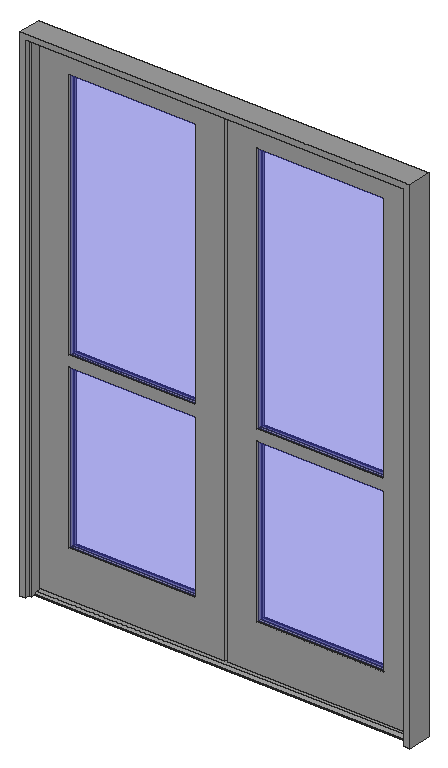
Revit family "WS-500 DOOR-Double-1-CW_v04", category Curtain Panels, Revit 2015
Parameters
  Width [instance] = 6' - 2"
  URL = "obe.com"
  Rough Width [instance] = 6' - 0"
  Panel Width [instance] = Min Panel Width  # 6' - 0"
  Panel Offset [instance] = 0' - 0"
  Offset [instance] = 0' - 0"
  Model = "WS-500 DOOR"
  Min Rough Width [instance] = if(Rough Width > 6' 1 255/256", Rough Width, 6' 2")  # 6' - 2"
  Min Panel Width [instance] = if(Rough Width > 6' 1 255/256", Rough Width - 0' 2", 6' 0")  # 6' - 0"
  Manufacturer = "Oldcastle BuildingEnvelope®"
  Keynote = "08 11 00"
  Hinge [instance] = yes
  Height [instance] = 8' - 0"
  Pushbar Height [instance] = 3' - 5 1/4"  # constant formula
  Glass Material = Glass
  Frame Material = Aluminum
  Door Panel Height [instance] = Height - 0' 0 5/8"  # 7' - 11 3/8"
  Description = "WS-500 - 1\" Door Infill"
  Assembly Code = "B2030"
  Analytic Construction = "<None>"
  8 Muntin [instance] = no
  6.5 Muntin [instance] = no
  10 Bottom Rail [instance] = not([8 Bottom Rail])  # no
  4 Muntin [instance] = no
  8 Bottom Rail [instance] = yes
  1.875 Muntin [instance] = no
  0.5 Muntin [instance] = if(or([1.875 Muntin], [4 Muntin], [6.5 Muntin], [8 Muntin]), 1 = 2, 1 = 1)  # yes
Reference planes (in)
  plane 1 "Front": y = 0
  plane 2: z = 0
  plane 3 "Center (Left/Right)": x = 0
  plane 4 "Left": x = -37
  plane 5 "Right": x = 37
  plane 6 "Top": z = 96
  plane 7 "Offset": y = 0
  plane 8: y = -1.28244
  plane 9: y = -1.28244
  plane 10: x = -37
  plane 11: x = 37
Forms (in)
  Sweep 1, solid, material "Aluminum" <- "Frame Material"
    path origin (0, 0, 0) x (-1, 0, 0) y (0, 0, 1)
      loop
        line (37, 0) -> (37, 96)
    profile origin (-37, 0, 48) x (1, 0, 0) y (0, 1, 0)
      loop
        line (1, -1.97) -> (1, 0) -> (0, 0) -> (0, -4.5) -> (1, -4.5) -> (1, -3.595) -> (1.5, -3.595) -> (1.5, -1.97) -> (1, -1.97)
  Sweep 2, solid, material "Aluminum" <- "Frame Material"
    path origin (0, 0, 0) x (-1, 0, 0) y (0, 0, 1)
      loop
        line (-37, 0) -> (-37, 96)
    profile origin (37, 0, 48) x (1, 0, 0) y (0, 1, 0)
      loop
        line (-1, -1.97) -> (-1.5, -1.97) -> (-1.5, -3.595) -> (-1, -3.595) -> (-1, -4.5) -> (0, -4.5) -> (0, 0) -> (-1, 0) -> (-1, -1.97)
  Extrusion 3, solid, material "Aluminum" <- "Frame Material"
    sketch origin (-37, 0, 0) x (0, -1, 0) y (0, 0, 1)
      loop
        line (1.97, 94.5) -> (3.595, 94.5) -> (3.595, 95) -> (4.5, 95) -> (4.5, 96) -> (0, 96) -> (0, 95) -> (1.97, 95) -> (1.97, 94.5)
    from -74 to 0
Cuts and joins
  joined: Sweep 1, Sweep 2, Extrusion 3
Text (in)
  text "Exterior" at (-54.29358, 31.38743, 0), in view "Ref. Level"
  text "Exterior" at (480, 41.53993, 89.60405), in view "Right"
  text "Exterior" at (-240, 57.82419, 105.78864), in view "Left"
Dimensions and locks (in)
  equal spacing: plane 4 "Left", plane 3 "Center (Left/Right)", plane 5 "Right"
  "Width": plane 4 "Left" to plane 5 "Right"
  "Height": plane 6 "Top" to plane 2
  "Offset": plane 1 "Front" to plane 7 "Offset"
  locked: plane 7 "Offset" to plane 8 at 1.28244
  locked: plane 7 "Offset" to plane 9 at 1.28244
  Extrusion 3 sketch curve to Extrusion 3 sketch curve to Extrusion 3 sketch curve = 0' - 0 1/2" locked, 0' - 0" locked
  nested 1 to Extrusion 3 sketch curve to Extrusion 3 sketch curve to Extrusion 3 sketch curve to Extrusion 3 sketch curve = 0' - 0" locked, 0' - 1.97" locked, 0' - 1 5/8" locked, 0' - 0.905" locked
  locked: Extrusion 3 sketch curve to Extrusion 3 sketch curve at 1
  equal spacing: plane 10, plane 3 "Center (Left/Right)", plane 11
  "Min Rough Width": plane 10 to plane 11
  aligned and locked: level to plane 2
  aligned and locked: plane 3 "Center (Left/Right)" to nested 1
  aligned and locked: nested 1 to plane 7 "Offset"
  aligned and locked: plane 6 "Top" to Sweep 1 sketch curve
  aligned and locked: level to Sweep 1 sketch curve
  aligned and locked: plane 6 "Top" to Sweep 2 sketch curve
  aligned and locked: level to Sweep 2 sketch curve
  aligned and locked: Extrusion 3 to plane 6 "Top"
  aligned and locked: Extrusion 3 sketch curve to plane 6 "Top"
  aligned and locked: Sweep 2 sketch curve to plane 11
  aligned and locked: Sweep 1 sketch curve to plane 10
  aligned and locked: plane 11 to cut or joined group of Sweep 1, Sweep 2, Extrusion 3
  aligned and locked: cut or joined group of Sweep 1, Sweep 2, Extrusion 3 to plane 10
Automatic sketch dimensions
  Sweep 1 sketch curve to profile plane = 0' - 0"
  Sweep 1 sketch curve to plane 7 "Offset" = 0' - 0"
  Sweep 1 sketch curve to profile plane = 0' - 1"  (x2)
  Sweep 1 sketch curve to Sweep 1 sketch curve = 0' - 0 1/2"
  Sweep 1 sketch curve to plane 7 "Offset" = 0' - 1.97"
  Sweep 1 sketch curve to Sweep 1 sketch curve = 0' - 1 5/8"
  Sweep 1 sketch curve to Sweep 1 sketch curve = 0' - 0.905"
  Sweep 2 sketch curve to plane 7 "Offset" = 0' - 0"
  Sweep 2 sketch curve to profile plane = 0' - 0"
  profile plane to Sweep 2 sketch curve = 0' - 1"  (x2)
  Sweep 2 sketch curve to Sweep 2 sketch curve = 0' - 0 1/2"
  Sweep 2 sketch curve to plane 7 "Offset" = 0' - 1.97"
  Sweep 2 sketch curve to Sweep 2 sketch curve = 0' - 1 5/8"
  Sweep 2 sketch curve to Sweep 2 sketch curve = 0' - 0.905"
Nested families (in)
  nested 1: "WS-500 DOOR-Double-1-Panel_v03" at (0, -16, 0), Frame Material <- "Frame Material", Glass Material <- "Glass Material", 0.5 Muntin <- "0.5 Muntin", 1.875 Muntin <- "1.875 Muntin", 4 Muntin <- "4 Muntin", 6.5 Muntin <- "6.5 Muntin", 8 Muntin <- "8 Muntin", Hinge <- "Hinge", Height <- "Door Panel Height", Width <- "Min Panel Width", 8 Bottom Rail <- "8 Bottom Rail", Offset <- "Panel Offset", type "WS-500 DOOR-Double-1-Panel_v03"
    with Wing Width 3' - 0", built-in parameter 1001301 6' - 0", Pushbar Height 3' - 5 1/4", Offset 0' - 0", Hinge yes, built-in parameter 1001300 7' - 11 3/8", Glass at Muntin 0' - 1 7/16", Glass Material Glass, Frame Material Aluminum, Bottom Rail 0' - 9 5/32", 8 Muntin no, 8 Bottom Rail yes, 6.5 Muntin no, 4 Muntin no, 10 Bottom Rail no, 1.875 Muntin no, 0.5 Muntin yes
Definition of nested family "WS-500 DOOR-Double-1-Panel_v03"
  Parameters (values of type "WS-500 DOOR-Double-1-Panel_v03")
    Wing Width [instance] = Width / 2  # 3' - 0"
    Width [instance] = 6' - 0"
    Offset [instance] = 0' - 1"
    Hinge [instance] = yes
    Height [instance] = 8' - 0"
    Glass at Muntin [instance] = if([8 Muntin], 0' 8 15/16", if([6.5 Muntin], 0' 7 7/16", if([4 Muntin], 0' 4 15/16", if([1.875 Muntin], 0' 2 13/16", 0' 1 7/16"))))  # 0' - 1 7/16"
    Pushbar Height [instance] = 3' - 5 1/4"  # constant formula
    Glass Material [instance] = none
    Frame Material [instance] = none
    Bottom Rail [instance] = if([8 Bottom Rail], 0' 9 5/32", 0' 11 5/32")  # 0' - 9 5/32"
    8 Muntin [instance] = no
    6.5 Muntin [instance] = no
    4 Muntin [instance] = no
    8 Bottom Rail [instance] = yes
    10 Bottom Rail [instance] = not([8 Bottom Rail])  # no
    1.875 Muntin [instance] = no
    0.5 Muntin [instance] = if(or([1.875 Muntin], [4 Muntin], [6.5 Muntin], [8 Muntin]), 1 = 2, 1 = 1)  # yes
  Reference planes (in)
    plane 1 "Center": y = 14.0625
    plane 2: z = 0
    plane 3 "Center (Left/Right)": x = 0
    plane 4: z = 96
    plane 5: x = 36
    plane 6: x = -36
    plane 7 "Center (Front/Back)": y = 16
    plane 8 "Exterior": y = 14.5625
    plane 9: z = 48
    plane 10: z = 90.99987
    plane 11: z = 41.96875
    plane 12: z = 40.53125
    plane 13: z = 9.15625
    plane 14 "Offset": y = 15
    plane 15: z = 41.25
  Forms (in)
    Sweep 1, solid, material <- "Frame Material"
      path origin (0, 14.0625, 0) x (1, 0, 0) y (0, 0, 1)
        loop
          line (-35.56475, 96) -> (-0.22004, 96)
      profile origin (-17.8924, 14.0625, 96) x (0, 0, 1) y (0, -1, 0)
        loop
          line (-0.53137, -0.875) -> (-0.53137, 0.875) -> (-5.28138, 0.875) -> (-5.28138, 0.5) -> (-5.00013, 0.5) -> (-5.00013, -0.5) -> (-5.28138, -0.5) -> (-5.28138, -0.875) -> (-0.53137, -0.875)
    Sweep 2, solid, material <- "Frame Material"
      path origin (0, 5, 0) x (1, 0, 0) y (0, 0, 1)
        loop
          line (-0.22004, 0) -> (-35.56475, 0)
      profile origin (-17.8924, 5, 0) x (0, 0, -1) y (0, -1, 0)
        loop
          line (-9.4375, -9.9375) -> (-0.6875, -9.9375) -> (-0.6875, -8.1875) -> (-9.4375, -8.1875) -> (-9.4375, -8.5625) -> (-9.15625, -8.5625) -> (-9.15625, -9.5625) -> (-9.4375, -9.5625) -> (-9.4375, -9.9375)
    Sweep 3, solid, material <- "Frame Material"
      path origin (0, 14.0625, 0) x (1, 0, 0) y (0, 0, 1)
        loop
          line (36, 95.46862) -> (36, 0.6875)
      profile origin (36, 14.0625, 48.07806) x (0, -1, 0) y (1, 0, 0)
        loop
          line (-0.875, -0.32625) -> (-0.875, -6.07625) -> (-0.5, -6.07625) -> (-0.5, -5.795) -> (0.5, -5.795) -> (0.5, -6.07625) -> (0.875, -6.07625) -> (0.875, -0.43525) -> (-0.875, -0.32625)
    Sweep 4, solid, material <- "Frame Material"
      path origin (0, 14.0625, 0) x (1, 0, 0) y (0, 0, 1)
        loop
          line (-36, 95.46862) -> (-36, 0.6875)
      profile origin (-36, 14.0625, 48.07806) x (0, -1, 0) y (1, 0, 0)
        loop
          line (-0.875, 0.32625) -> (0.875, 0.43525) -> (0.875, 6.07625) -> (0.5, 6.07625) -> (0.5, 5.795) -> (-0.5, 5.795) -> (-0.5, 6.07625) -> (-0.875, 6.07625) -> (-0.875, 0.32625)
    Sweep 5, solid, material <- "Frame Material"
      path origin (0, 14.0625, 0) x (1, 0, 0) y (0, 0, 1)
        loop
          line (-5.53125, 48) -> (-30.205, 48)
      profile origin (-17.86813, 14.0625, 48) x (0, 0, -1) y (0, -1, 0)
        loop
          line (7.75, -0.875) -> (7.75, -0.5) -> (7.46875, -0.5) -> (7.46875, 0.5) -> (7.75, 0.5) -> (7.75, 0.875) -> (5.75, 0.875) -> (5.75, 0.5) -> (6.03125, 0.5) -> (6.03125, -0.5) -> (5.75, -0.5) -> (5.75, -0.875) -> (7.75, -0.875)
    Sweep 6, solid, material <- "Frame Material"
      path origin (0, 14.0625, 0) x (1, 0, 0) y (0, 0, 1)
        loop
          line (0, 95.46862) -> (0, 0.6875)
      profile origin (0, 14.0625, 48.07806) x (0, -1, 0) y (1, 0, 0)
        loop
          line (-0.875, -0.22063) -> (-0.875, -5.8125) -> (-0.5, -5.8125) -> (-0.5, -5.53125) -> (0.5, -5.53125) -> (0.5, -5.8125) -> (0.875, -5.8125) -> (0.875, -0.22063)
          arc (0.875, -0.22063) -> (0, -0.0625) -> (-0.875, -0.22063) r 2.5
        loop
          arc (-0.875, 0.22063) -> (0, 0.0625) -> (0.875, 0.22063) r 2.5
          line (0.875, 0.22063) -> (0.875, 5.8125) -> (0.5, 5.8125) -> (0.5, 5.53125) -> (-0.5, 5.53125) -> (-0.5, 5.8125) -> (-0.875, 5.8125) -> (-0.875, 0.22063)
    Sweep 7, solid, material <- "Frame Material"
      path origin (0, 14.0625, 0) x (1, 0, 0) y (0, 0, 1)
        loop
          line (0.22004, 96) -> (35.56475, 96)
      profile origin (17.8924, 14.0625, 96) x (0, 0, 1) y (0, -1, 0)
        loop
          line (-0.53138, -0.875) -> (-0.53138, 0.875) -> (-5.28138, 0.875) -> (-5.28138, 0.5) -> (-5.00013, 0.5) -> (-5.00013, -0.5) -> (-5.28138, -0.5) -> (-5.28138, -0.875) -> (-0.53138, -0.875)
    Sweep 8, solid, material <- "Frame Material"
      path origin (0, 14.0625, 0) x (1, 0, 0) y (0, 0, 1)
        loop
          line (30.20979, 48) -> (5.53125, 48)
      profile origin (17.87052, 14.0625, 48) x (0, 0, -1) y (0, -1, 0)
        loop
          line (7.75, -0.875) -> (7.75, -0.5) -> (7.46875, -0.5) -> (7.46875, 0.5) -> (7.75, 0.5) -> (7.75, 0.875) -> (5.75, 0.875) -> (5.75, 0.5) -> (6.03125, 0.5) -> (6.03125, -0.5) -> (5.75, -0.5) -> (5.75, -0.875) -> (7.75, -0.875)
    Sweep 9, solid, material <- "Frame Material"
      path origin (0, 14.0625, 0) x (1, 0, 0) y (0, 0, 1)
        loop
          line (35.56475, 0) -> (0.22004, 0)
      profile origin (17.8924, 14.0625, 0) x (0, 0, -1) y (0, -1, 0)
        loop
          line (-9.4375, -0.875) -> (-0.6875, -0.875) -> (-0.6875, 0.875) -> (-9.4375, 0.875) -> (-9.4375, 0.5) -> (-9.15625, 0.5) -> (-9.15625, -0.5) -> (-9.4375, -0.5) -> (-9.4375, -0.875)
    Extrusion 10, solid, material <- "Glass Material", detail levels coarse
      sketch origin (0, 0, 0) x (1, 0, 0) y (0, 1, 0)
        loop
          line (-30.205, 14.5625) -> (-30.205, 13.5625) -> (-5.53125, 13.5625) -> (-5.53125, 14.5625) -> (-30.205, 14.5625)
      from 9.15625 to 40.53125
    Extrusion 11, solid, material <- "Glass Material", detail levels coarse
      sketch origin (0, 0, 0) x (1, 0, 0) y (0, 1, 0)
        loop
          line (5.53125, 14.5625) -> (5.53125, 13.5625) -> (30.205, 13.5625) -> (30.205, 14.5625) -> (5.53125, 14.5625)
      from 9.15625 to 40.53125
    Extrusion 12, solid, material <- "Glass Material", detail levels coarse
      sketch origin (0, 0, 0) x (1, 0, 0) y (0, 1, 0)
        loop
          line (-5.53125, 14.5625) -> (-30.205, 14.5625) -> (-30.205, 13.5625) -> (-5.53125, 13.5625) -> (-5.53125, 14.5625)
      from 41.96875 to 90.99987
    Extrusion 13, solid, material <- "Glass Material", detail levels coarse
      sketch origin (0, 0, 0) x (1, 0, 0) y (0, 1, 0)
        loop
          line (30.205, 14.5625) -> (5.53125, 14.5625) -> (5.53125, 13.5625) -> (30.205, 13.5625) -> (30.205, 14.5625)
      from 41.96875 to 90.99987
    Extrusion 14, solid, material <- "Glass Material", detail levels medium+fine
      sketch origin (0, 0, 0) x (1, 0, 0) y (0, 1, 0)
        loop
          line (-5.53125, 13.5625) -> (-5.53125, 13.8105) -> (-30.205, 13.8105) -> (-30.205, 13.5625) -> (-5.53125, 13.5625)
        loop
          line (-30.205, 14.5625) -> (-30.205, 14.3145) -> (-5.53125, 14.3145) -> (-5.53125, 14.5625) -> (-30.205, 14.5625)
      from 41.96875 to 90.99987
    Extrusion 15, solid, material <- "Glass Material", detail levels medium+fine
      sketch origin (0, 0, 0) x (1, 0, 0) y (0, 1, 0)
        loop
          line (-30.205, 13.5625) -> (-5.53125, 13.5625) -> (-5.53125, 13.8105) -> (-30.205, 13.8105) -> (-30.205, 13.5625)
        loop
          line (-5.53125, 14.5625) -> (-30.205, 14.5625) -> (-30.205, 14.3145) -> (-5.53125, 14.3145) -> (-5.53125, 14.5625)
      from 9.15625 to 40.53125
    Extrusion 16, solid, material <- "Glass Material", detail levels medium+fine
      sketch origin (0, 0, 0) x (1, 0, 0) y (0, 1, 0)
        loop
          line (5.53125, 13.5625) -> (30.205, 13.5625) -> (30.205, 13.8105) -> (5.53125, 13.8105) -> (5.53125, 13.5625)
        loop
          line (30.205, 14.5625) -> (5.53125, 14.5625) -> (5.53125, 14.3145) -> (30.205, 14.3145) -> (30.205, 14.5625)
      from 9.15625 to 40.53125
    Extrusion 17, solid, material <- "Glass Material", detail levels medium+fine
      sketch origin (0, 0, 0) x (1, 0, 0) y (0, 1, 0)
        loop
          line (30.205, 13.5625) -> (30.205, 13.8105) -> (5.53125, 13.8105) -> (5.53125, 13.5625) -> (30.205, 13.5625)
        loop
          line (5.53125, 14.5625) -> (5.53125, 14.3145) -> (30.205, 14.3145) -> (30.205, 14.5625) -> (5.53125, 14.5625)
      from 41.96875 to 90.99987
    Sweep 18, solid, material <- "Frame Material"
      path origin (0, 15, 0) x (1, 0, 0) y (0, 0, 1)
        loop
          line (-35.56475, 0) -> (35.56475, 0)
      profile origin (0, 15, 0) x (0, 0, 1) y (0, -1, 0)
        loop
          line (0.5, -0.218) -> (0.5, 2.468) -> (0.19364, 3.125) -> (0, 3.125) -> (0, -0.875) -> (0.19364, -0.875) -> (0.5, -0.218)
  Cuts and joins
    joined: Sweep 1, Sweep 2, Sweep 3, Sweep 4, Sweep 5, Sweep 6, Sweep 7, Sweep 8, Sweep 9
  Lines and regions (in)
    model lines
      curve 1: line (5.53125, 14.5625, 90.99987) -> (30.20979, 14.5625, 48)
      curve 2: line (30.20979, 14.5625, 48) -> (5.53125, 14.5625, 9.15625)
      curve 3: line (-5.53125, 14.5625, 90.99987) -> (-30.205, 14.5625, 48)
      curve 4: line (-30.205, 14.5625, 48) -> (-5.53125, 14.5625, 9.15625)
  Dimensions and locks (in)
    "Height": plane 4 to level
    "Width": plane 6 to plane 5
    equal spacing: level, plane 9, plane 4
    locked: Sweep 2 sketch curve to plane 6 at 0.43525
    locked: plane 3 "Center (Left/Right)" to Sweep 2 sketch curve at 0.22004
    locked: Sweep 3 sketch curve to plane 4 at 0.53138
    locked: Sweep 4 sketch curve to plane 4 at 0.53138
    locked: Sweep 1 sketch curve to plane 6 at 0.43525
    locked: plane 3 "Center (Left/Right)" to Sweep 1 sketch curve at 0.22004
    locked: plane 3 "Center (Left/Right)" to Sweep 5 sketch curve at 5.53125
    locked: Sweep 5 sketch curve to plane 6 at 5.795
    locked: Sweep 7 sketch curve to plane 3 "Center (Left/Right)" at 0.22004
    locked: plane 5 to Sweep 7 sketch curve at 0.43525
    locked: plane 5 to Sweep 8 sketch curve at 5.79021
    locked: Sweep 8 sketch curve to plane 3 "Center (Left/Right)" at 5.53125
    locked: plane 5 to Sweep 9 sketch curve at 0.43525
    locked: Sweep 9 sketch curve to plane 3 "Center (Left/Right)" at 0.22004
    Extrusion 11 sketch curve to plane 1 "Center" to Extrusion 11 sketch curve = 0' - 0 1/2" locked, 0' - 0 1/2" locked
    locked: Extrusion 11 sketch curve to plane 5 at 5.795
    locked: plane 3 "Center (Left/Right)" to Extrusion 11 sketch curve at 5.53125
    Extrusion 10 sketch curve to plane 1 "Center" to Extrusion 10 sketch curve = 0' - 0 1/2" locked, 0' - 0 1/2" locked
    locked: plane 6 to Extrusion 10 sketch curve at 5.795
    locked: Extrusion 10 sketch curve to plane 3 "Center (Left/Right)" at 5.53125
    locked: plane 6 to Extrusion 12 sketch curve at 5.795
    locked: Extrusion 12 sketch curve to plane 3 "Center (Left/Right)" at 5.53125
    Extrusion 12 sketch curve to plane 1 "Center" to Extrusion 12 sketch curve = 0' - 0 1/2", 0' - 0 1/2"
    Extrusion 13 sketch curve to plane 1 "Center" to Extrusion 13 sketch curve = 0' - 0 1/2" locked, 0' - 0 1/2" locked
    locked: Extrusion 13 sketch curve to plane 5 at 5.795
    locked: plane 3 "Center (Left/Right)" to Extrusion 13 sketch curve at 5.53125
    locked: Sweep 6 sketch curve to plane 4 at 0.53138
    locked: plane 13 to Sweep 2 sketch curve at 0.28125  (x2)
    locked: plane 11 to Sweep 5 sketch curve at 0.28125  (x2)
    locked: Sweep 5 sketch curve to plane 12 at 0.28125  (x2)
    "Glass at Muntin": plane 12 to plane 11
    locked: plane 10 to plane 4 at 5.00013
    Extrusion 15 sketch curve to Extrusion 15 sketch curve to plane 1 "Center" to Extrusion 15 sketch curve to Extrusion 15 sketch curve = 0' - 0.248" locked, 0' - 0.252" locked, 0' - 0.252" locked, 0' - 0.248" locked
    "Bottom Rail": plane 13 to plane 2
    locked: plane 13 to Sweep 9 sketch curve at 0.28125  (x2)
    locked: Sweep 8 sketch curve to plane 12 at 0.28125  (x2)
    locked: plane 11 to Sweep 8 sketch curve at 0.28125  (x2)
    Extrusion 16 sketch curve to Extrusion 16 sketch curve to plane 1 "Center" to Extrusion 16 sketch curve to Extrusion 16 sketch curve = 0' - 0.248" locked, 0' - 0.252" locked, 0' - 0.252" locked, 0' - 0.248" locked
    Extrusion 14 sketch curve to Extrusion 14 sketch curve to plane 1 "Center" to Extrusion 14 sketch curve to Extrusion 14 sketch curve = 0' - 0.248" locked, 0' - 0.252" locked, 0' - 0.252" locked, 0' - 0.248" locked
    Extrusion 17 sketch curve to Extrusion 17 sketch curve to plane 1 "Center" to Extrusion 17 sketch curve to Extrusion 17 sketch curve = 0' - 0.248" locked, 0' - 0.252" locked, 0' - 0.252" locked, 0' - 0.248" locked
    locked: Extrusion 17 sketch curve to plane 5 at 5.795  (x2)
    locked: plane 3 "Center (Left/Right)" to Extrusion 17 sketch curve at 5.53125  (x2)
    locked: plane 3 "Center (Left/Right)" to Extrusion 16 sketch curve at 5.53125  (x2)
    locked: Extrusion 16 sketch curve to plane 5 at 5.795  (x2)
    locked: Extrusion 14 sketch curve to plane 3 "Center (Left/Right)" at 5.53125  (x2)
    locked: plane 6 to Extrusion 14 sketch curve at 5.795  (x2)
    locked: Extrusion 15 sketch curve to plane 3 "Center (Left/Right)" at 5.53125  (x2)
    locked: plane 6 to Extrusion 15 sketch curve at 5.795  (x2)
    equal spacing: plane 6, plane 3 "Center (Left/Right)", plane 5
    plane 1 "Center" to plane 8 "Exterior" to plane 14 "Offset" = 0' - 0 1/2" locked, 0' - 0 7/16" locked
    "Offset": plane 14 "Offset" to plane 7 "Center (Front/Back)"
    equal spacing: plane 12, plane 15, plane 11
    "Pushbar Height": plane 2 to plane 15
    locked: plane 5 to Sweep 18 sketch curve at 0.43525
    locked: Sweep 18 sketch curve to plane 6 at 0.43525
    locked: Sweep 4 sketch curve to plane 2 at 0.6875
    locked: Sweep 6 sketch curve to plane 2 at 0.6875
    locked: Sweep 3 sketch curve to plane 2 at 0.6875
    aligned and locked: plane 2 to level
    aligned and locked: Sweep 2 sketch curve to level
    aligned and locked: plane 5 to Sweep 3 sketch curve
    aligned and locked: plane 6 to Sweep 4 sketch curve
    aligned and locked: Sweep 5 sketch curve to plane 9
    aligned and locked: plane 3 "Center (Left/Right)" to Sweep 6 sketch curve
    aligned and locked: Sweep 9 sketch curve to level
    aligned and locked: Sweep 8 sketch curve to plane 9
    aligned and locked: plane 4 to Sweep 7 sketch curve
    aligned and locked: plane 13 to Sweep 2 sketch curve
    aligned and locked: Sweep 5 sketch curve to plane 11
    aligned and locked: Sweep 5 sketch curve to plane 12
    aligned and locked: Extrusion 11 to plane 12
    aligned and locked: plane 11 to Extrusion 13
    aligned and locked: Extrusion 13 to plane 10
    aligned and locked: plane 13 to Extrusion 10
    aligned and locked: Extrusion 10 to plane 12
    aligned and locked: plane 11 to Extrusion 12
    aligned and locked: plane 11 to Extrusion 14
    aligned and locked: Extrusion 12 to plane 10
    aligned and locked: Extrusion 14 to plane 10
    aligned and locked: cut or joined group of Sweep 1, Sweep 2, Sweep 3, Sweep 4, Sweep 5, Sweep 6, Sweep 7, Sweep 8, Sweep 9 to curve 1
    aligned and locked: cut or joined group of Sweep 1, Sweep 2, Sweep 3, Sweep 4, Sweep 5, Sweep 6, Sweep 7, Sweep 8, Sweep 9 to curve 2
    aligned and locked: curve 3 to cut or joined group of Sweep 1, Sweep 2, Sweep 3, Sweep 4, Sweep 5, Sweep 6, Sweep 7, Sweep 8, Sweep 9
    aligned and locked: Extrusion 12 to Extrusion 14
    aligned and locked: Extrusion 14 to Extrusion 12
    aligned and locked: plane 9 to curve 4
    aligned and locked: plane 9 to curve 1
    aligned and locked: Extrusion 15 to plane 12
    aligned and locked: plane 11 to Extrusion 17
    aligned and locked: Extrusion 16 to plane 12
    aligned and locked: Extrusion 17 to plane 10
    aligned and locked: plane 13 to Extrusion 11
    aligned and locked: plane 13 to Extrusion 16
    aligned and locked: plane 13 to Extrusion 15
    aligned and locked: Sweep 18 sketch curve to plane 2
  Automatic sketch dimensions
    profile plane to Sweep 1 sketch curve = 0' - 0.53137"
    Sweep 4 sketch curve to profile plane = 0' - 0.32625"
    Sweep 4 sketch curve to Sweep 4 sketch curve = 0' - 5 3/4"
    Sweep 4 sketch curve to Sweep 4 sketch curve = 0' - 0"
    Sweep 4 sketch curve to Sweep 4 sketch curve = 0' - 0 3/8"  (x2)
    Sweep 4 sketch curve to Sweep 4 sketch curve = 0' - 0 9/32"
    plane 1 "Center" to Sweep 6 sketch curve = 0' - 0"  (x2)
    profile plane to Sweep 6 sketch curve = 0' - 0.22063"  (x2)
    Sweep 6 sketch curve to plane 1 "Center" = 0' - 0 7/8"
    Sweep 6 sketch curve to Sweep 6 sketch curve = 0' - 2.34187"  (x2)
    Sweep 6 sketch curve to Sweep 6 sketch curve = 0' - 3 1/4"  (x2)
    Sweep 6 sketch curve to Sweep 6 sketch curve = 0' - 0"  (x3)
    Sweep 6 sketch curve to Sweep 6 sketch curve = 0' - 0 3/8"  (x4)
    Sweep 6 sketch curve to Sweep 6 sketch curve = 0' - 0 9/32"  (x2)
    Sweep 6 sketch curve to profile plane = 0' - 0.22063"  (x2)
    Sweep 1 sketch curve to Sweep 1 sketch curve = 0' - 4 3/4"
    Sweep 1 sketch curve to plane 1 "Center" = 0' - 0 1/2"
    Sweep 1 sketch curve to Sweep 1 sketch curve = 0' - 0 9/32"
    plane 1 "Center" to Sweep 1 sketch curve = 0' - 0 1/2"
    Sweep 1 sketch curve to Sweep 1 sketch curve = 0' - 0 3/8"
    Sweep 1 sketch curve to Sweep 1 sketch curve = 0' - 0"
    Sweep 1 sketch curve to plane 1 "Center" = 0' - 0 7/8"
    Sweep 2 sketch curve to Sweep 2 sketch curve = 0' - 0 3/8"  (x2)
    plane 1 "Center" to Sweep 2 sketch curve = 0' - 0 1/2"
    Sweep 5 sketch curve to plane 1 "Center" = 0' - 0 7/8"
    Sweep 5 sketch curve to Sweep 5 sketch curve = 0' - 0 3/8"  (x3)
    plane 1 "Center" to Sweep 5 sketch curve = 0' - 0 7/8"
    Sweep 5 sketch curve to Sweep 5 sketch curve = 0' - 0"
    profile plane to Sweep 9 sketch curve = 0' - 0 11/16"
    Sweep 9 sketch curve to Sweep 9 sketch curve = 0' - 0 3/8"  (x2)
    Sweep 9 sketch curve to Sweep 9 sketch curve = 0' - 0 9/32"
    plane 1 "Center" to Sweep 9 sketch curve = 0' - 0 1/2"
    Sweep 8 sketch curve to plane 1 "Center" = 0' - 0 7/8"
    Sweep 8 sketch curve to Sweep 8 sketch curve = 0' - 0 3/8"  (x4)
    plane 1 "Center" to Sweep 8 sketch curve = 0' - 0 7/8"
    Sweep 8 sketch curve to Sweep 8 sketch curve = 0' - 0 9/32"  (x2)
    profile plane to Sweep 7 sketch curve = 0' - 0.53138"
    Sweep 7 sketch curve to plane 1 "Center" = 0' - 0 7/8"
    Sweep 7 sketch curve to Sweep 7 sketch curve = 0' - 4 3/4"
    plane 1 "Center" to Sweep 7 sketch curve = 0' - 0 7/8"
    Sweep 7 sketch curve to Sweep 7 sketch curve = 0' - 0"
    Sweep 7 sketch curve to Sweep 7 sketch curve = 0' - 0 3/8"  (x2)
    Sweep 7 sketch curve to Sweep 7 sketch curve = 0' - 0 9/32"
    Sweep 3 sketch curve to plane 1 "Center" = 0' - 0 7/8"
    profile plane to Sweep 3 sketch curve = 0' - 6.07625"
    Sweep 3 sketch curve to Sweep 3 sketch curve = 0' - 0 3/8"  (x2)
    profile plane to Sweep 3 sketch curve = 0' - 0.32625"
    Sweep 3 sketch curve to Sweep 3 sketch curve = 0' - 0 9/32"  (x2)
    plane 1 "Center" to Sweep 3 sketch curve = 0' - 0 1/2"
    Sweep 3 sketch curve to Sweep 3 sketch curve = 0' - 0.109"
    plane 1 "Center" to Sweep 4 sketch curve = 0' - 0 1/2"
    Sweep 4 sketch curve to plane 1 "Center" = 0' - 0 1/2"
    Sweep 4 sketch curve to Sweep 4 sketch curve = 0' - 0.109"
    curve 2 to plane 13 = 0' - 0"
    curve 4 to plane 13 = 0' - 0"
    curve 3 to plane 10 = 0' - 0"
    curve 1 to plane 10 = 0' - 0"
    plane 6 to curve 3 = 0' - 5.795"
    curve 2 to plane 5 = 0' - 5.79021"
    Sweep 1 sketch curve to plane 4 = 0' - 0"
    curve 4 to plane 3 "Center (Left/Right)" = 0' - 5 17/32"
    profile plane to Sweep 2 sketch curve = 0' - 0 11/16"
    Sweep 2 sketch curve to Sweep 2 sketch curve = 0' - 1"
    Sweep 9 sketch curve to plane 1 "Center" = 0' - 0 7/8"
    Sweep 18 sketch curve to profile plane = 0' - 0.19364"  (x2)
    Sweep 18 sketch curve to plane 14 "Offset" = 0' - 0 7/8"
    Sweep 18 sketch curve to plane 14 "Offset" = 0' - 0.218"
    Sweep 18 sketch curve to Sweep 18 sketch curve = 0' - 2.686"
    Sweep 18 sketch curve to profile plane = 0' - 0"
    Sweep 18 sketch curve to profile plane = 0' - 0 1/2"
    Sweep 18 sketch curve to Sweep 18 sketch curve = 0' - 0.657"
